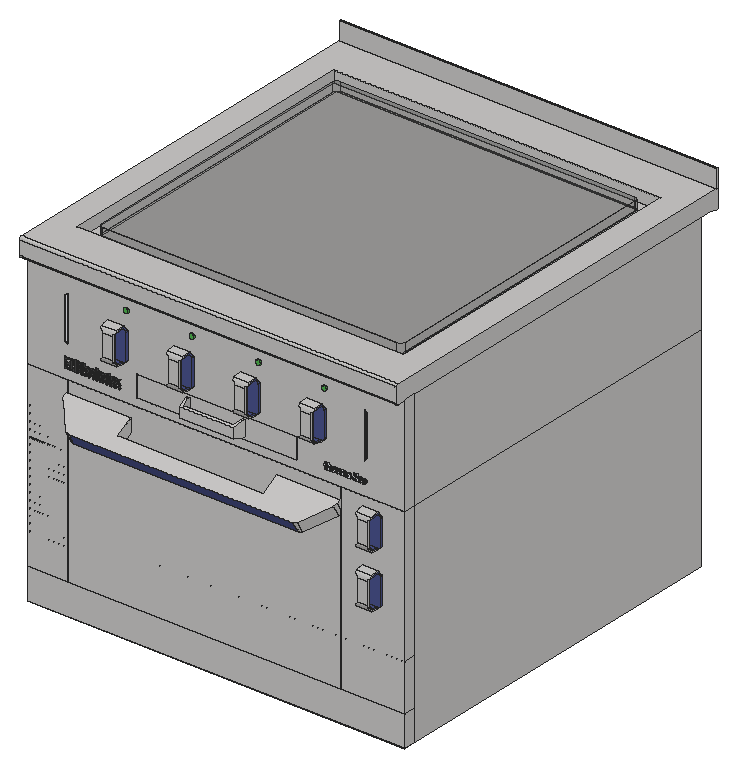
Revit family "QF_ELECTROLUXPROFESSIONAL_588695_MBLMGBH8AO", category Specialty Equipment, Revit 2023
Family settings
  Round Connector Dimension = Use Diameter
  Part Type = Normal
  Work Plane-Based = No
  Enable Cutting in Views = No
  Always vertical = Yes
  Cut with Voids When Loaded = No
  Maintain Annotation Orientation = No
  Shared = No
  Room Calculation Point = No
Parameters (values of type "Standard")
  Weight = 223.00 kg
  Watts = 0 W
  Volts = 400 V
  URL Manufacturer = "http://www.electroluxprofessional.com"
  URL = "http://www.electroluxprofessional.com"
  Steam Supply Size = 0"
  Steam Supply Minimum Pressure = 0.00 psi
  Steam Supply Maximum Pressure = 0.00 psi
  Steam Consumption per Hour = 0
  Refrigeration Suction Line Size = 0 mm
  Refrigeration Liquid Line Size = 0 mm
  Refrigerant Compressor Remote = yes
  Default Elevation = 0 mm
  Phase = 3
  Model = "MBLMGBH8AO"
  Manufacturer = "Electrolux Professional"
  Length Actual = 800 mm
  Item Number = "588695"
  Hot Water Size = 0"
  Height Actual = 700 mm
  HP = "23.2 HP"
  Gas Size = 0"
  Gas KW = 0
  Gas Input Pressure = 0.0 Btu/h
  Direct Waste Size = 0"
  Description = "EL.SOLID T,ECO,ST.OV,1S,BS,800X850X700H"
  Depth Actual = 850 mm
  Cycle = 50 Hz
  Condensate Return Size = 0"
  Compressed Air Volume = 0 GPM
  Compressed Air Size = 0"
  Compressed Air Pressure = 0.00 psi
  Cold Water Size = 0"
  Accessory = no
Reference planes
  plane 1 "BACK": y = 50
  plane 2: z = 0
  plane 3 "LEFT": x = 0
  plane 4 "RIGHT": x = 800
  plane 5 "FRONT": y = -800
  plane 6 "TOP": z = 900
  plane 7 "Center (Left/Right)": x = 400
  plane 8: y = -375
  plane 9: z = 200
  plane 10: y = -150
  plane 11 "Panel": y = -755
  plane 12: z = 798
  plane 13: z = 1327
  plane 14: x = 78
  plane 15: x = 722
  plane 16: y = -100
  plane 17: y = -600
  plane 18 "EIx": x = 755
  plane 19 "EIy": y = -585
Forms (mm)
  Extrusion 1, solid, material "QF_Finishes_Stainless Steel"
    sketch origin (-178.969, -4572, 200) x (-1, 0, 0) y (0, -1, 0)
      loop
        line (-178.969, -4577) -> (-178.969, -3817) -> (-978.969, -3817) -> (-978.969, -4577) -> (-178.969, -4577)
    from 450 to 662.969
  Extrusion 2, solid, material "QF_Finishes_Stainless Steel"
    sketch origin (0, 0, 0) x (0, 1, 0) y (0, 0, 1)
      loop
        line (-755, 200) -> (-755, 365) -> (-780, 365) -> (-780, 200) -> (-755, 200)
    from 0 to 800
  Extrusion 3, solid, material "QF_Finishes_Stainless Steel"
    sketch origin (-588.969, -4562, 200) x (-1, 0, 0) y (0, -1, 0)
      loop
        circle (-1343.969, -3977) r 6.35
    from 0 to -11.851
  Extrusion 4, solid, material "QF_Finishes_Stainless Steel"
    sketch origin (400, 296.4, 1219.2) x (0, 1, 0) y (0, 0, 1)
      loop
        line (-246.4, -319.2) -> (-1091.4, -319.2)
        arc (-1091.4, -319.2) -> (-1094.935, -320.664) -> (-1096.4, -324.2) r 5
        line (-1096.4, -324.2) -> (-1096.4, -355.2)
        arc (-1096.4, -355.2) -> (-1094.971, -358.264) -> (-1091.705, -359.139) r 4
        line (-1091.705, -359.139) -> (-1076.4, -356.231) -> (-266.4, -356.231) -> (-251.094, -359.139)
        arc (-251.094, -359.139) -> (-247.829, -358.264) -> (-246.4, -355.2) r 4
        line (-246.4, -355.2) -> (-246.4, -319.2)
    from -400 to 400
  Extrusion 5, solid, material "QF_Finishes_Electrolux_Black Smoke Iluminated"
    sketch origin (0, 0, 900) x (-1, 0, 0) y (0, -1, 0)
      loop
        arc (-88, 59) -> (-80.929, 61.929) -> (-78, 69) r 10
        line (-78, 69) -> (-78, 680)
        arc (-78, 680) -> (-80.929, 687.071) -> (-88, 690) r 10
        line (-88, 690) -> (-712, 690)
        arc (-712, 690) -> (-719.071, 687.071) -> (-722, 680) r 10
        line (-722, 680) -> (-722, 69)
        arc (-722, 69) -> (-719.071, 61.929) -> (-712, 59) r 10
        line (-712, 59) -> (-88, 59)
    from 0 to -20
  Extrusion 6, solid, material "QF_Finishes_Stainless Steel"
    sketch origin (-178.969, -4572, 200) x (-1, 0, 0) y (0, -1, 0)
      loop
        line (-178.969, -4577) -> (-178.969, -3817) -> (-978.969, -3817) -> (-978.969, -4577) -> (-178.969, -4577)
    from 450 to 0
  Extrusion 7, void
    sketch origin (0, 0, 900) x (-1, 0, 0) y (0, -1, 0)
      loop
        line (-53, 715) -> (-747, 715) -> (-747, 34) -> (-53, 34) -> (-53, 715)
    from 0 to -25
  Extrusion 8, solid, material "QF_Finishes_Stainless Steel"
    sketch origin (0, 0, 900) x (-1, 0, 0) y (0, -1, 0)
      loop
        line (-82, 63) -> (-82, 686) -> (-718, 686) -> (-718, 63) -> (-82, 63)
    from -20 to -25
  Extrusion 9, solid, material "QF_Finishes_Stainless Steel"
    sketch origin (400, 296.4, 1219.2) x (0, 1, 0) y (0, 0, 1)
      loop
        line (-249.4, -319.2) -> (-246.4, -319.2) -> (-246.4, -281.2) -> (-249.4, -281.2) -> (-249.4, -319.2)
    from -400 to 400
  Extrusion 10, solid, material "QF_Finishes_Stainless Steel"
    sketch origin (0, 0, 150) x (0, 1, 0) y (0, 0, 1)
      loop
        line (-755, 50) -> (-755, 115) -> (-780, 115) -> (-780, 50) -> (-755, 50)
    from 0 to 800
Cuts and joins
  Extrusion 7 cuts Extrusion 4
Lines and regions (mm)
  symbolic lines
    curve 1: line (0, 50, 200) -> (800, 50, 200)
    curve 2: line (0, -800, 200) -> (0, 50, 200)
    curve 3: line (800, -800, 200) -> (0, -800, 200)
    curve 4: line (800, 50, 200) -> (800, -800, 200)
    curve 5: line (712, -59, 200) -> (88, -59, 200)
    curve 6: line (78, -69, 200) -> (78, -680, 200)
    curve 7: line (88, -690, 200) -> (712, -690, 200)
    curve 8: line (722, -680, 200) -> (722, -69, 200)
    curve 9: arc (88, -59, 200) -> (80.929, -61.929, 200) -> (78, -69, 200) r 10
    curve 10: arc (722, -69, 200) -> (719.071, -61.929, 200) -> (712, -59, 200) r 10
    curve 11: arc (712, -690, 200) -> (719.071, -687.071, 200) -> (722, -680, 200) r 10
    curve 12: arc (78, -680, 200) -> (80.929, -687.071, 200) -> (88, -690, 200) r 10
    curve 13: line (747, -34, 900) -> (53, -34, 900)
    curve 14: line (53, -34, 900) -> (53, -715, 900)
    curve 15: line (747, -715, 900) -> (747, -34, 900)
    curve 16: line (53, -715, 900) -> (747, -715, 900)
    curve 33: line (0, 47, 0) -> (800, 47, 0)
  model lines, style "SpecialityEquipment"
    curve 17: arc (584, -161, 900) -> (530.967, -289.033, 900) -> (659, -236, 900) r 75
    curve 18: line (639, -236, 900) -> (679, -236, 900)
    curve 19: line (679, -236, 900) -> (659, -216, 900)
    curve 20: line (639, -236, 900) -> (659, -216, 900)
    curve 21: arc (216, -161, 900) -> (162.967, -289.033, 900) -> (291, -236, 900) r 75
    curve 22: line (271, -236, 900) -> (311, -236, 900)
    curve 23: line (311, -236, 900) -> (291, -216, 900)
    curve 24: line (271, -236, 900) -> (291, -216, 900)
    curve 25: arc (584, -489, 900) -> (530.967, -617.033, 900) -> (659, -564, 900) r 75
    curve 26: line (639, -564, 900) -> (679, -564, 900)
    curve 27: line (679, -564, 900) -> (659, -544, 900)
    curve 28: line (639, -564, 900) -> (659, -544, 900)
    curve 29: arc (216, -489, 900) -> (162.967, -617.033, 900) -> (291, -564, 900) r 75
    curve 30: line (271, -564, 900) -> (311, -564, 900)
    curve 31: line (311, -564, 900) -> (291, -544, 900)
    curve 32: line (271, -564, 900) -> (291, -544, 900)
Dimensions and locks
  plane 3 "LEFT" to plane 4 "RIGHT" = 800 mm
  plane 5 "FRONT" to plane 1 "BACK" = 850 mm
  equal spacing: plane 3 "LEFT", plane 7 "Center (Left/Right)", plane 4 "RIGHT"
  equal spacing: plane 5 "FRONT", plane 8, plane 1 "BACK"
  plane 6 "TOP" to level = 900 mm  (x2)
  plane 9 to level = 200 mm
  plane 1 "BACK" to plane 10 to plane 11 "Panel" = 200 mm, 605 mm  (x2)
  plane 6 "TOP" to plane 9 to level = 700 mm, 200 mm
  plane 1 "BACK" to plane 5 "FRONT" = 850 mm
  plane 1 "BACK" to Extrusion 3 = 635 mm
  plane 12 to plane 9 = 598 mm
  plane 13 to plane 6 "TOP" = 427 mm
  plane 6 "TOP" to plane 12 = 102 mm
  plane 14 to plane 3 "LEFT" = 78 mm
  plane 15 to plane 4 "RIGHT" = 78 mm
  locked: plane 1 "BACK" to plane 16 at 150
  locked: plane 16 to plane 17 at 500
  plane 11 "Panel" to plane 5 "FRONT" = 45 mm
  plane 18 "EIx" to plane 4 "RIGHT" = 45 mm
  plane 19 "EIy" to plane 1 "BACK" = 635 mm
  aligned and locked: level to plane 2
  aligned and locked: Extrusion 2 to plane 4 "RIGHT"
  aligned and locked: plane 3 "LEFT" to nested 1
  aligned and locked: nested 1 to nested 4
Automatic sketch dimensions
  Extrusion 3 sketch curve to plane 18 "EIx" = 0 mm
  Extrusion 3 sketch curve to plane 19 "EIy" = 0 mm
  Extrusion 4 sketch curve to plane 5 "FRONT" = 0 mm
  Extrusion 4 sketch curve to plane 6 "TOP" = 0 mm
  Extrusion 4 sketch curve to plane 1 "BACK" = 0 mm
  Extrusion 4 sketch curve to plane 5 "FRONT" = 4 mm
  Extrusion 4 sketch curve to Extrusion 4 sketch curve = 0.695 mm
  Extrusion 4 sketch curve to plane 5 "FRONT" = 5 mm
  Extrusion 4 sketch curve to Extrusion 4 sketch curve = 15.305 mm
  plane 1 "BACK" to Extrusion 4 sketch curve = 20 mm
  plane 1 "BACK" to Extrusion 4 sketch curve = 4.695 mm
  Extrusion 4 sketch curve to Extrusion 4 sketch curve = 4 mm
  Extrusion 4 sketch curve to Extrusion 4 sketch curve = 31 mm
  Extrusion 4 sketch curve to plane 6 "TOP" = 36 mm
  Extrusion 4 sketch curve to Extrusion 4 sketch curve = 2.909 mm
  Extrusion 5 sketch curve to plane 15 = 0 mm
  Extrusion 5 sketch curve to plane 14 = 0 mm
  plane 15 to Extrusion 5 sketch curve = 10 mm  (x2)
  Extrusion 5 sketch curve to Extrusion 5 sketch curve = 10 mm  (x2)
  plane 10 to Extrusion 5 sketch curve = 91 mm
  plane 17 to Extrusion 5 sketch curve = 80 mm
  plane 18 "EIx" to Extrusion 7 sketch curve = 8 mm
  plane 14 to Extrusion 7 sketch curve = 25 mm
  plane 10 to Extrusion 7 sketch curve = 116 mm
  plane 11 "Panel" to Extrusion 7 sketch curve = 40 mm
  Extrusion 8 sketch curve to plane 14 = 4 mm
  plane 15 to Extrusion 8 sketch curve = 4 mm
  plane 17 to Extrusion 8 sketch curve = 86 mm
  plane 10 to Extrusion 8 sketch curve = 87 mm
  curve 20 to curve 17 = 55 mm
  curve 26 to curve 25 = 55 mm
  curve 19 to curve 18 = 20 mm
  curve 26 to curve 27 = 20 mm
  curve 18 to curve 19 = 20 mm
  plane 18 "EIx" to curve 13 = 8 mm
  curve 31 to plane 7 "Center (Left/Right)" = 89 mm
  curve 23 to plane 7 "Center (Left/Right)" = 89 mm
  curve 22 to curve 24 = 20 mm
  curve 30 to curve 31 = 20 mm
  curve 23 to curve 22 = 20 mm
  curve 31 to curve 30 = 20 mm
  curve 22 to curve 21 = 55 mm
  curve 30 to curve 29 = 55 mm
  plane 14 to curve 14 = 25 mm
  plane 10 to curve 13 = 116 mm
  plane 11 "Panel" to curve 16 = 40 mm
  curve 29 to curve 30 = 20 mm
  curve 27 to curve 26 = 40 mm
  curve 25 to curve 26 = 20 mm
  plane 15 to curve 19 = 43 mm
  curve 17 to curve 18 = 20 mm
  curve 21 to curve 22 = 20 mm
  Extrusion 9 sketch curve to plane 6 "TOP" = 0 mm
  Extrusion 9 sketch curve to plane 1 "BACK" = 0 mm
  Extrusion 9 sketch curve to Extrusion 9 sketch curve = 3 mm
  Extrusion 9 sketch curve to Extrusion 9 sketch curve = 38 mm
  plane 19 "EIy" to curve 27 = 21 mm
  plane 15 to curve 27 = 43 mm
  curve 23 to plane 10 = 66 mm
  curve 19 to plane 10 = 66 mm
  plane 19 "EIy" to curve 32 = 41 mm
  Extrusion 1 sketch curve to plane 4 "RIGHT" = 0 mm
  Extrusion 1 sketch curve to plane 3 "LEFT" = 0 mm
  Extrusion 1 sketch curve to plane 11 "Panel" = 0 mm
  plane 1 "BACK" to Extrusion 1 sketch curve = 45 mm
  Extrusion 2 sketch curve to plane 9 = 0 mm
  Extrusion 2 sketch curve to plane 11 "Panel" = 0 mm
  Extrusion 2 sketch curve to plane 5 "FRONT" = 20 mm
  plane 9 to Extrusion 2 sketch curve = 165 mm
  plane 1 "BACK" to curve 1 = 0 mm
  curve 1 to plane 4 "RIGHT" = 0 mm
  curve 8 to plane 15 = 0 mm
  curve 6 to plane 14 = 0 mm
  curve 2 to plane 3 "LEFT" = 0 mm
  plane 5 "FRONT" to curve 3 = 0 mm
  plane 15 to curve 5 = 10 mm
  curve 11 to curve 11 = 10 mm
  curve 5 to plane 14 = 10 mm
  curve 12 to curve 6 = 10 mm
  plane 10 to curve 5 = 91 mm
  plane 17 to curve 11 = 80 mm
  Extrusion 6 sketch curve to plane 4 "RIGHT" = 0 mm
  Extrusion 6 sketch curve to plane 3 "LEFT" = 0 mm
  Extrusion 6 sketch curve to plane 11 "Panel" = 0 mm
  plane 1 "BACK" to Extrusion 6 sketch curve = 45 mm
  Extrusion 10 sketch curve to plane 11 "Panel" = 0 mm
  Extrusion 10 sketch curve to plane 5 "FRONT" = 20 mm
  plane 9 to Extrusion 10 sketch curve = 0 mm
  Extrusion 10 sketch curve to Extrusion 10 sketch curve = 65 mm
  radius of Extrusion 3 sketch curve = 6.35 mm
Nested families
  nested 1: "Door_Panel_W800_Fori" at (300, -755, 0), type "Door_Panel_W800_Fori"
  nested 2: "FIT Range Control Handle" at (730, -783.167, -372.751), type "FIT Range Control Handle"
  nested 3: "FIT Range Control Handle" at (730, -783.167, -484.751), type "FIT Range Control Handle"
  nested 4: "Front_Panel_W800_Four Knobs_Spie" at (202.376, -755, 0), type "Front_Panel_W800_Four Knobs_Spie"
Connectors
  electrical at (755, -585, 188.149)
    settings: on Extrusion 3, index 1, voltage 400 V, apparent load 33000 VA, apparent load phase1 0 VA, apparent load phase2 0 VA, apparent load phase3 0 VA, power factor 1, load classification "Other", number of poles 1, system type 30, power factor state 1, is connector primary yes, connector utility no, sub classification motor no, connector description "ELECTRICAL CONNECTION"
Definition of nested family "Door_Panel_W800_Fori"
  Parameters
    Default Elevation = 0 mm
  Reference planes
    plane 1 "Center (Front/Back)": y = 0
    plane 2 "Ref. Level": z = 0
    plane 3: x = 500
    plane 4: x = -300
    plane 5 "Center (Left/Right)": x = 100
    plane 6: x = -215
    plane 7: x = 365
    plane 8 "Manopola": through (-6096, -50.059, 612.389) normal (0, -0.515, 0.8572)
    plane 9 "Top": z = 650
    plane 10: z = 265
    plane 11: z = 200
  Forms (mm)
    Extrusion 1, solid
      sketch origin (100, 0, 0) x (0, 1, 0) y (0, 0, 1)
        loop
          line (-25.03, 650) -> (-25.03, 265) -> (0, 265) -> (0, 650) -> (-25.03, 650)
      from 265 to 400
    Extrusion 2, solid
      sketch origin (100, 0, 0) x (0, 1, 0) y (0, 0, 1)
        loop
          line (-25.03, 650) -> (-25.03, 265) -> (0, 265) -> (0, 650) -> (-25.03, 650)
      from -400 to -315
    Extrusion 3, solid
      sketch origin (100, 0, 0) x (0, 1, 0) y (0, 0, 1)
        loop
          line (-25.03, 650) -> (-25.03, 265) -> (0, 265) -> (0, 650) -> (-25.03, 650)
      from -315 to 265
    Extrusion 4, solid
      sketch origin (0, -283.633, 472.044) x (0, 0.857167, 0.515038) y (-1, 0, 0)
        loop
          line (299.12, -365) -> (299.12, 215) -> (290.982, 215)
          arc (290.982, 215) -> (286.677, 214.026) -> (283.211, 211.293) r 10
          line (283.211, 211.293) -> (233.28, 170.86)
          arc (233.28, 170.86) -> (230.548, 167.394) -> (229.574, 163.089) r 10
          line (229.574, 163.089) -> (229.574, -313.089)
          arc (229.574, -313.089) -> (230.548, -317.394) -> (233.28, -320.86) r 10
          line (233.28, -320.86) -> (283.211, -361.293)
          arc (283.211, -361.293) -> (286.677, -364.026) -> (290.982, -365) r 10
          line (290.982, -365) -> (299.12, -365)
      from -27 to 0
    Extrusion 5, void
      sketch origin (100, 0, 0) x (0, 1, 0) y (0, 0, 1)
        loop
          line (-61.514, 605.507) -> (-47.608, 582.363) -> (-25.03, 595.93) -> (-25.03, 627.429) -> (-61.514, 605.507)
      from -180 to 130
    Extrusion 6, solid, detail levels coarse
      sketch origin (100, 0, 0) x (0, 1, 0) y (0, 0, 1)
        loop
          line (-25.03, 265) -> (-25.03, 650)
          arc (-25.03, 650) -> (-297.266, 537.236) -> (-410.03, 265) r 385
          line (-410.03, 265) -> (-25.03, 265)
      from -315 to 265
    Extrusion 7, void
      sketch origin (0, 0, 0) x (1, 0, 0) y (0, 0, 1)
        loop
          line (-295, 573.713) -> (-295, 571.713) -> (-222, 571.713) -> (-222, 573.713) -> (-295, 573.713)
        loop
          line (-295, 558.713) -> (-295, 556.713) -> (-222, 556.713) -> (-222, 558.713) -> (-295, 558.713)
        loop
          line (-295, 543.713) -> (-295, 541.713) -> (-222, 541.713) -> (-222, 543.713) -> (-295, 543.713)
        loop
          line (-295, 528.713) -> (-295, 526.713) -> (-222, 526.713) -> (-222, 528.713) -> (-295, 528.713)
        loop
          line (-295, 513.713) -> (-295, 511.713) -> (-222, 511.713) -> (-222, 513.713) -> (-295, 513.713)
        loop
          line (-295, 498.713) -> (-295, 496.713) -> (-222, 496.713) -> (-222, 498.713) -> (-295, 498.713)
        loop
          line (-295, 483.713) -> (-295, 481.713) -> (-222, 481.713) -> (-222, 483.713) -> (-295, 483.713)
        loop
          line (-295, 468.713) -> (-295, 466.713) -> (-222, 466.713) -> (-222, 468.713) -> (-295, 468.713)
        loop
          line (-295, 453.713) -> (-295, 451.713) -> (-222, 451.713) -> (-222, 453.713) -> (-295, 453.713)
        loop
          line (-295, 438.713) -> (-295, 436.713) -> (-222, 436.713) -> (-222, 438.713) -> (-295, 438.713)
        loop
          line (-295, 423.713) -> (-295, 421.713) -> (-222, 421.713) -> (-222, 423.713) -> (-295, 423.713)
        loop
          line (-295, 408.713) -> (-295, 406.713) -> (-222, 406.713) -> (-222, 408.713) -> (-295, 408.713)
        loop
          line (-295, 393.713) -> (-295, 391.713) -> (-222, 391.713) -> (-222, 393.713) -> (-295, 393.713)
        loop
          line (-295, 378.713) -> (-295, 376.713) -> (-222, 376.713) -> (-222, 378.713) -> (-295, 378.713)
        loop
          line (-295, 363.713) -> (-295, 361.713) -> (-222, 361.713) -> (-222, 363.713) -> (-295, 363.713)
        loop
          line (-295, 348.713) -> (-295, 346.713) -> (-222, 346.713) -> (-222, 348.713) -> (-295, 348.713)
        loop
          line (-295, 333.713) -> (-295, 331.713) -> (-222, 331.713) -> (-222, 333.713) -> (-295, 333.713)
      from 25.03 to 20
  Cuts and joins
    Extrusion 5 cuts Extrusion 4
    joined: Extrusion 3, Extrusion 4
    Extrusion 7 cuts Extrusion 2
  Lines and regions (mm)
    symbolic lines
      curve 1: line (-207.355, -45.043, 0) -> (-170.86, -83.673, 0)
      curve 2: line (-163.089, -86.85, 0) -> (313.089, -86.85, 0)
      curve 3: line (320.86, -83.673, 0) -> (357.355, -45.043, 0)
      curve 4: arc (-163.089, -86.85, 0) -> (-167.318, -86.101, 0) -> (-170.86, -83.673, 0) r 10.165
      curve 5: arc (313.089, -86.85, 0) -> (317.318, -86.101, 0) -> (320.86, -83.673, 0) r 10.165
      curve 6: line (-215, -45.043, 0) -> (-215, -410.03, 0)
      curve 7: line (-215, -410.03, 0) -> (365, -410.03, 0)
      curve 8: line (365, -410.03, 0) -> (365, -45.03, 0)
  Dimensions and locks
    plane 3 to plane 4 = 800 mm
    plane 4 to plane 3 = 800 mm
    equal spacing: plane 3, plane 5 "Center (Left/Right)", plane 4
    plane 6 to plane 4 = 85 mm
    plane 3 to plane 7 = 135 mm
    plane 11 to level = 200 mm
    plane 10 to plane 11 = 65 mm
    plane 10 to plane 9 "Top" = 385 mm
    plane 9 "Top" to plane 11 = 450 mm
    aligned and locked: plane 3 to Extrusion 1
    aligned and locked: cut or joined group of Extrusion 3, Extrusion 4, Extrusion 5 to plane 6
    aligned and locked: cut or joined group of Extrusion 3, Extrusion 4, Extrusion 5 to plane 7
    aligned and locked: plane 7 to Extrusion 1
    aligned and locked: plane 6 to Extrusion 2
    aligned and locked: Extrusion 2 to plane 4
    aligned and locked: plane 10 to Extrusion 2
    aligned and locked: plane 10 to cut or joined group of Extrusion 3, Extrusion 4, Extrusion 5
    aligned and locked: plane 10 to Extrusion 1
    aligned and locked: Extrusion 6 to plane 6
    aligned and locked: Extrusion 6 to plane 7
  Automatic sketch dimensions
    Extrusion 5 sketch curve to plane 8 "Manopola" = 0 mm  (x2)
    plane 1 "Center (Front/Back)" to Extrusion 5 sketch curve = 61.514 mm
    Extrusion 5 sketch curve to Extrusion 5 sketch curve = 13.906 mm
    plane 1 "Center (Front/Back)" to Extrusion 5 sketch curve = 25.03 mm
    Extrusion 4 sketch curve to plane 7 = 0 mm
    Extrusion 4 sketch curve to plane 6 = 0 mm
    plane 6 to Extrusion 4 sketch curve = 51.911 mm
    plane 7 to Extrusion 4 sketch curve = 44.14 mm
    Extrusion 4 sketch curve to Extrusion 4 sketch curve = 3.707 mm  (x2)
    plane 6 to Extrusion 4 sketch curve = 44.14 mm
    plane 7 to Extrusion 4 sketch curve = 3.707 mm
    Extrusion 4 sketch curve to Extrusion 4 sketch curve = 49.93 mm  (x2)
    plane 6 to Extrusion 4 sketch curve = 3.707 mm
    Extrusion 4 sketch curve to Extrusion 4 sketch curve = 7.771 mm  (x3)
    Extrusion 4 sketch curve to Extrusion 4 sketch curve = 8.138 mm
    Extrusion 2 sketch curve to plane 1 "Center (Front/Back)" = 0 mm
    Extrusion 3 sketch curve to plane 1 "Center (Front/Back)" = 0 mm
    Extrusion 1 sketch curve to plane 1 "Center (Front/Back)" = 0 mm
    Extrusion 2 sketch curve to plane 9 "Top" = 0 mm
    Extrusion 2 sketch curve to Extrusion 2 sketch curve = 25.03 mm
    Extrusion 3 sketch curve to plane 9 "Top" = 0 mm
    Extrusion 3 sketch curve to Extrusion 3 sketch curve = 25.03 mm
    Extrusion 1 sketch curve to plane 9 "Top" = 0 mm
    plane 1 "Center (Front/Back)" to Extrusion 1 sketch curve = 25.03 mm
    level to Extrusion 1 sketch curve = 265 mm
    level to Extrusion 2 sketch curve = 265 mm
    level to Extrusion 3 sketch curve = 265 mm
    plane 10 to Extrusion 6 sketch curve = 0 mm
    Extrusion 6 sketch curve to plane 9 "Top" = 0 mm
    plane 1 "Center (Front/Back)" to Extrusion 6 sketch curve = 25.03 mm
    curve 7 to plane 7 = 0 mm
    plane 6 to curve 1 = 44.14 mm
    curve 4 to curve 4 = 7.389 mm
    curve 4 to curve 2 = 7.771 mm
    plane 7 to curve 2 = 51.911 mm
    curve 2 to curve 5 = 0.382 mm
    curve 2 to curve 3 = 7.771 mm
    plane 1 "Center (Front/Back)" to curve 6 = 410.03 mm
    plane 1 "Center (Front/Back)" to curve 2 = 86.85 mm
    curve 2 to curve 3 = 3.177 mm
    curve 2 to curve 1 = 3.177 mm
    plane 7 to curve 3 = 7.645 mm
    plane 1 "Center (Front/Back)" to curve 3 = 45.043 mm
    curve 3 to curve 8 = 0.013 mm
    curve 7 to plane 6 = 0 mm
    curve 6 to curve 1 = 7.645 mm
    plane 1 "Center (Front/Back)" to curve 1 = 45.043 mm
    curve 6 to curve 1 = 0 mm
    plane 4 to Extrusion 7 sketch curve = 5 mm  (x17)
    Extrusion 7 sketch curve to plane 6 = 7 mm  (x17)
    Extrusion 7 sketch curve to plane 10 = 66.713 mm
    Extrusion 7 sketch curve to Extrusion 7 sketch curve = 2 mm  (x17)
    Extrusion 7 sketch curve to Extrusion 7 sketch curve = 13 mm  (x16)
Definition of nested family "FIT Range Control Handle"
  Parameters
    Default Elevation = 0 mm
  Reference planes
    plane 1 "Center (Front/Back)": y = 0
    plane 2: z = 0
    plane 3 "Center (Left/Right)": x = 0
    plane 4: z = 971.092
    plane 5: y = -16.8
  Forms (mm)
    Extrusion 1, solid
      sketch origin (-746.28, 380.497, 208.931) x (-1, 0, 0) y (0, 0, 1)
        loop
          line (-770.101, 786.798) -> (-770.101, 731.649)
          arc (-770.101, 731.649) -> (-769.759, 730.563) -> (-768.855, 729.87) r 1.893
          line (-768.855, 729.87) -> (-763.474, 727.911) -> (-729.81, 727.911) -> (-724.428, 729.87)
          arc (-724.428, 729.87) -> (-723.525, 730.563) -> (-723.183, 731.649) r 1.893
          line (-723.183, 731.649) -> (-723.183, 786.798)
          arc (-723.183, 786.798) -> (-723.529, 787.894) -> (-724.44, 788.593) r 1.91
          line (-724.44, 788.593) -> (-729.683, 790.819) -> (-763.601, 790.819) -> (-768.844, 788.593)
          arc (-768.844, 788.593) -> (-769.755, 787.894) -> (-770.101, 786.798) r 1.91
      from -382.35 to -378.852
    Sweep 2, solid
      path origin (-746.788, 380.496, 208.091) x (0, -1, 0) y (0, 0, 1)
        loop
          line (379.775, 793.281) -> (395.661, 791.048)
          arc (395.661, 791.048) -> (397.781, 787.377) -> (398.517, 783.202) r 12.207
          line (398.517, 783.202) -> (398.517, 737.368)
          arc (398.517, 737.368) -> (397.781, 733.193) -> (395.661, 729.522) r 12.207
          line (395.661, 729.522) -> (379.775, 727.289)
      profile origin (-746.788, -7.222, 1000.256) x (0, -0.139173, 0.990268) y (-1, 0, 0)
        loop
          line (0.782, -763.123) -> (0.782, -730.907) -> (-1.322, -730.907) -> (-1.322, -763.123) -> (0.782, -763.123)
    Sweep 3, solid
      path origin (-746.788, 380.715, 207.832) x (0, -1, 0) y (0, 0, 1)
        loop
          line (380.478, 795.442) -> (397.218, 793.09)
          arc (397.218, 793.09) -> (399.929, 788.473) -> (400.871, 783.202) r 15.207
          line (400.871, 783.202) -> (400.871, 737.584)
          arc (400.871, 737.584) -> (399.914, 732.274) -> (397.164, 727.633) r 15.207
          line (397.164, 727.633) -> (380.601, 725.305)
      profile origin (-746.788, -8.132, 1002.099) x (0, -0.139173, 0.990268) y (-1, 0, 0)
        loop
          line (0.782, -763.123) -> (0.782, -730.907) -> (-1.322, -730.907) -> (-1.322, -763.123) -> (0.782, -763.123)
    Extrusion 4, void
      sketch origin (889.253, 220.666, 207.993) x (1, 0, 0) y (0, 0, 1)
        loop
          line (-943.038, 816.854) -> (-943.038, 703.686) -> (-899.466, 734.196) -> (-899.466, 786.344) -> (-943.038, 816.854)
      from 230.636 to 242.25
    Extrusion 5, void
      sketch origin (-888.8, 220.666, 207.993) x (-1, 0, 0) y (0, 0, -1)
        loop
          line (-943.038, -816.854) -> (-899.466, -786.344) -> (-899.466, -734.196) -> (-943.038, -703.686) -> (-943.038, -816.854)
      from 230.636 to 242.25
    Extrusion 6, solid
      sketch origin (0, 0, 0) x (1, 0, 0) y (0, 0, 1)
        loop
          circle (0, 971.092) r 7.736
      from -3.137 to -1.645
  Cuts and joins
    Extrusion 4, Extrusion 5 cuts Sweep 3
    Extrusion 4, Extrusion 5 cuts Sweep 2
    joined: Extrusion 1, Extrusion 6
  Lines and regions (mm)
    symbolic lines
      curve 1: line (-15.881, -19.189, 0) -> (-15.881, -16.8, 0)
      curve 2: line (16.334, -19.189, 0) -> (16.334, -16.8, 0)
      curve 3: spline (-15.881, -19.189, 0) -> (-15.417, -19.349, 0) -> (-14.951, -19.501, 0) -> (-14.483, -19.646, 0) -> (-14.014, -19.783, 0) -> (-13.543, -19.912, 0) -> (-13.071, -20.033, 0) -> (-12.597, -20.146, 0) -> (-12.122, -20.251, 0) -> (-11.646, -20.349, 0) -> (-11.169, -20.438, 0) -> (-10.691, -20.52, 0) -> (-10.213, -20.593, 0)
      curve 4: spline (10.666, -20.593, 0) -> (11.144, -20.52, 0) -> (11.622, -20.438, 0) -> (12.099, -20.349, 0) -> (12.575, -20.251, 0) -> (13.05, -20.146, 0) -> (13.524, -20.033, 0) -> (13.996, -19.912, 0) -> (14.467, -19.783, 0) -> (14.936, -19.646, 0) -> (15.404, -19.501, 0) -> (15.87, -19.349, 0) -> (16.334, -19.189, 0)
      curve 5: line (-10.213, -20.938, 0) -> (10.716, -20.938, 0)
  Dimensions and locks
    cut or joined group of Sweep 3, Extrusion 4, Extrusion 5 to cut or joined group of Sweep 3, Extrusion 4, Extrusion 5 = 71.686 mm
Definition of nested family "Front_Panel_W800_Four Knobs_Spie"
  Parameters
    Default Elevation = 0 mm
  Reference planes
    plane 1 "Center (Front/Back)": y = 0
    plane 2: z = 0
    plane 3 "Center (Left/Right)": x = 197.624
    plane 4 "Left": x = -202.376
    plane 5 "Right": x = 597.624
    plane 6: y = -45
    plane 7: x = -12.376
    plane 8: x = 127.624
    plane 9: y = -310
    plane 10 "Panel": y = -25
    plane 11: x = 517.624
    plane 12: x = -122.376
  Forms (mm)
    Extrusion 1, solid
      sketch origin (833.217, 829.203, -1.25) x (0, 1, 0) y (0, 0, 1)
        loop
          line (-854.203, 651.25) -> (-829.203, 651.25) -> (-829.203, 864.25) -> (-854.203, 864.25) -> (-854.203, 651.25)
      from -1035.593 to -235.593
    Extrusion 2, void
      sketch origin (0, -25, -10) x (0, 0, 1) y (-1, 0, 0)
        loop
          line (731.866, 122.376) -> (726.866, 117.376) -> (823.866, 117.376) -> (818.866, 122.376) -> (731.866, 122.376)
        loop
          line (731.866, -517.624) -> (818.866, -517.624) -> (823.866, -512.624) -> (726.866, -512.624) -> (731.866, -517.624)
      from 0 to -2
    Extrusion 3, void
      sketch origin (0, 0, 0) x (1, 0, 0) y (0, 0, 1)
        loop
          line (30.124, 711.866) -> (30.124, 666.866) -> (370.124, 666.866) -> (370.124, 711.866) -> (30.124, 711.866)
      from 19.387 to 25
    Extrusion 4, solid
      sketch origin (0, 0, 0) x (1, 0, 0) y (0, 0, 1)
        loop
          line (31.124, 710.866) -> (31.124, 667.866) -> (369.124, 667.866) -> (369.124, 710.866) -> (31.124, 710.866)
      from 19.387 to 25
    Extrusion 5, solid
      sketch origin (0, 0, 0) x (1, 0, 0) y (0, 1, 0)
        loop
          line (141.059, -25) -> (135.966, -25) -> (140.646, -49.075) -> (254.603, -49.075) -> (259.283, -25) -> (254.189, -25) -> (250.481, -44.075) -> (144.767, -44.075) -> (141.059, -25)
      from 672.593 to 705.67
    Extrusion 6, void
      sketch origin (197.624, 0, 0) x (0, 1, 0) y (0, 0, 1)
        loop
          line (-30, 705.67) -> (-30, 710.67) -> (-56.744, 710.67) -> (-56.744, 667.593) -> (-30, 667.593) -> (-30, 672.593) -> (-53.776, 680.318) -> (-53.776, 697.945) -> (-30, 705.67)
      from -70 to 70
    Extrusion 7, solid, detail levels coarse
      sketch origin (0, -265, 0) x (1, 0, 0) y (0, 1, 0)
        loop
          line (140.646, -69.075) -> (254.603, -69.075) -> (259.283, -45) -> (364.124, -45) -> (364.124, 240) -> (31.124, 240) -> (31.124, -45) -> (135.966, -45) -> (140.646, -69.075)
      from 672.593 to 705.67
    Extrusion 8, void
      sketch origin (197.624, -280, 0) x (0, 1, 0) y (0, 0, 1)
        loop
          line (-30, 705.67) -> (-30, 710.67) -> (-56.744, 710.67) -> (-56.744, 667.593) -> (-30, 667.593) -> (-30, 672.593) -> (-53.776, 680.318) -> (-53.776, 697.945) -> (-30, 705.67)
      from -70 to 70
    Extrusion 9, solid
      sketch origin (20, -25, 1.163) x (0, 0, 1) y (-1, 0, 0)
        loop
          circle (824.337, 12.376) r 5
      from 0 to 1.7
    Extrusion 10, solid
      sketch origin (160, -25, 1.163) x (0, 0, 1) y (-1, 0, 0)
        loop
          circle (824.337, 12.376) r 5
      from 0 to 1.7
    Extrusion 11, solid
      sketch origin (300.724, -25, 1.163) x (0, 0, 1) y (-1, 0, 0)
        loop
          circle (824.337, 12.376) r 5
      from 0 to 1.7
    Extrusion 12, solid
      sketch origin (440.724, -25, 1.163) x (0, 0, 1) y (-1, 0, 0)
        loop
          circle (824.337, 12.376) r 5
      from 0 to 1.7
    Extrusion 13, solid
      sketch origin (0, -25, -10) x (0, 0, 1) y (-1, 0, 0)
        loop
          line (731.866, 122.376) -> (726.866, 117.376) -> (823.866, 117.376) -> (818.866, 122.376) -> (731.866, 122.376)
        loop
          line (726.866, -512.624) -> (731.866, -517.624) -> (818.866, -517.624) -> (823.866, -512.624) -> (726.866, -512.624)
      from 0 to -2
  Cuts and joins
    Extrusion 2, Extrusion 3 cuts Extrusion 1
    Extrusion 6, Extrusion 8 cuts Extrusion 5
    Extrusion 8 cuts Extrusion 7
  Lines and regions (mm)
    symbolic lines
      curve 1: line (31.124, -45, 0) -> (31.124, -310, 0)
      curve 2: line (31.124, -310, 0) -> (364.124, -310, 0)
      curve 3: line (135.966, -310, 0) -> (140.646, -334.075, 0)
      curve 4: line (140.646, -334.075, 0) -> (254.603, -334.075, 0)
      curve 5: line (254.603, -334.075, 0) -> (259.283, -310, 0)
      curve 6: line (364.124, -310, 0) -> (364.124, -45, 0)
      curve 7: line (31.124, -300, 0) -> (364.124, -300, 0)
      curve 8: line (140.874, -309.046, 0) -> (144.767, -329.075, 0)
      curve 9: line (144.767, -329.075, 0) -> (250.481, -329.075, 0)
      curve 10: line (250.481, -329.075, 0) -> (254.375, -309.046, 0)
  Dimensions and locks
    equal spacing: plane 5 "Right", plane 3 "Center (Left/Right)", plane 4 "Left"
    plane 5 "Right" to plane 4 "Left" = 800 mm
    plane 3 "Center (Left/Right)" to plane 7 = 210 mm
    plane 3 "Center (Left/Right)" to plane 8 = 70 mm
    plane 6 to plane 9 = 265 mm
    aligned and locked: cut or joined group of Extrusion 1, Extrusion 2, Extrusion 3 to plane 4 "Left"
    aligned and locked: plane 5 "Right" to cut or joined group of Extrusion 1, Extrusion 2, Extrusion 3
  Automatic sketch dimensions
    plane 6 to curve 1 = 0 mm
    curve 1 to plane 9 = 0 mm
    plane 6 to curve 6 = 0 mm
    plane 7 to curve 1 = 43.5 mm
    plane 8 to curve 3 = 13.021 mm
    curve 3 to curve 8 = 4.122 mm
    curve 10 to plane 9 = 19.075 mm
    plane 3 "Center (Left/Right)" to curve 10 = 52.857 mm
    curve 5 to plane 9 = 24.075 mm
    curve 9 to curve 5 = 4.122 mm
    curve 4 to curve 2 = 109.521 mm
    plane 8 to curve 3 = 8.342 mm
    plane 9 to curve 8 = 0.954 mm
    curve 3 to curve 8 = 4.908 mm
    plane 9 to curve 10 = 0.954 mm
    curve 9 to curve 10 = 3.893 mm
    curve 10 to curve 5 = 4.908 mm
    plane 9 to curve 7 = 10 mm
    Extrusion 1 sketch curve to plane 10 "Panel" = 0 mm
    Extrusion 1 sketch curve to plane 1 "Center (Front/Back)" = 0 mm
    Extrusion 2 sketch curve to plane 12 = 0 mm
    Extrusion 2 sketch curve to plane 11 = 0 mm
    Extrusion 2 sketch curve to plane 11 = 5 mm
    plane 12 to Extrusion 2 sketch curve = 5 mm
    Extrusion 2 sketch curve to Extrusion 2 sketch curve = 5 mm  (x4)
    plane 7 to Extrusion 3 sketch curve = 42.5 mm
    Extrusion 3 sketch curve to plane 11 = 147.5 mm
    Extrusion 3 sketch curve to Extrusion 3 sketch curve = 45 mm
    plane 7 to Extrusion 4 sketch curve = 43.5 mm
    Extrusion 4 sketch curve to plane 11 = 148.5 mm
    Extrusion 4 sketch curve to Extrusion 4 sketch curve = 43 mm
    plane 10 "Panel" to Extrusion 5 sketch curve = 0 mm  (x2)
    plane 8 to Extrusion 5 sketch curve = 8.342 mm
    plane 6 to Extrusion 5 sketch curve = 4.075 mm
    plane 8 to Extrusion 5 sketch curve = 13.021 mm
    Extrusion 5 sketch curve to Extrusion 5 sketch curve = 5.094 mm  (x2)
    Extrusion 5 sketch curve to plane 6 = 0.925 mm
    Extrusion 5 sketch curve to Extrusion 5 sketch curve = 4.122 mm  (x2)
    plane 3 "Center (Left/Right)" to Extrusion 5 sketch curve = 52.857 mm
    Extrusion 5 sketch curve to Extrusion 5 sketch curve = 3.708 mm
    plane 6 to Extrusion 6 sketch curve = 11.744 mm
    plane 6 to Extrusion 6 sketch curve = 8.776 mm
    plane 10 "Panel" to Extrusion 6 sketch curve = 5 mm  (x2)
    Extrusion 6 sketch curve to Extrusion 6 sketch curve = 5 mm
    Extrusion 6 sketch curve to Extrusion 6 sketch curve = 12.725 mm  (x2)
    Extrusion 6 sketch curve to Extrusion 6 sketch curve = 17.627 mm
    Extrusion 6 sketch curve to Extrusion 6 sketch curve = 7.725 mm
    plane 10 "Panel" to Extrusion 7 sketch curve = 0 mm
    Extrusion 7 sketch curve to plane 9 = 0 mm  (x2)
    plane 7 to Extrusion 7 sketch curve = 43.5 mm
    plane 8 to Extrusion 7 sketch curve = 8.342 mm
    plane 8 to Extrusion 7 sketch curve = 13.021 mm
    Extrusion 7 sketch curve to plane 9 = 24.075 mm
    plane 3 "Center (Left/Right)" to Extrusion 7 sketch curve = 56.979 mm
    Extrusion 7 sketch curve to Extrusion 7 sketch curve = 4.68 mm
    Extrusion 7 sketch curve to Extrusion 7 sketch curve = 104.842 mm
    Extrusion 8 sketch curve to plane 9 = 26.744 mm
    Extrusion 8 sketch curve to plane 9 = 23.776 mm
    plane 9 to Extrusion 8 sketch curve = 0 mm  (x2)
    Extrusion 8 sketch curve to Extrusion 8 sketch curve = 5 mm
    Extrusion 8 sketch curve to Extrusion 8 sketch curve = 12.725 mm  (x2)
    Extrusion 8 sketch curve to Extrusion 8 sketch curve = 17.627 mm
    Extrusion 8 sketch curve to Extrusion 8 sketch curve = 7.725 mm
    plane 7 to Extrusion 9 sketch curve = 20 mm
    plane 8 to Extrusion 10 sketch curve = 20 mm
    plane 3 "Center (Left/Right)" to Extrusion 11 sketch curve = 90.724 mm
    Extrusion 12 sketch curve to plane 11 = 89.276 mm
    Extrusion 13 sketch curve to plane 12 = 0 mm
    Extrusion 13 sketch curve to plane 11 = 0 mm
    plane 12 to Extrusion 13 sketch curve = 5 mm
    Extrusion 13 sketch curve to Extrusion 13 sketch curve = 5 mm  (x4)
    Extrusion 13 sketch curve to plane 11 = 5 mm
    level to Extrusion 1 sketch curve = 650 mm
    Extrusion 1 sketch curve to Extrusion 1 sketch curve = 213 mm
    level to Extrusion 2 sketch curve = 716.866 mm
    Extrusion 2 sketch curve to Extrusion 2 sketch curve = 0 mm
    Extrusion 2 sketch curve to Extrusion 2 sketch curve = 87 mm  (x2)
    level to Extrusion 3 sketch curve = 666.866 mm
    level to Extrusion 4 sketch curve = 667.866 mm
    level to Extrusion 6 sketch curve = 667.593 mm
    level to Extrusion 8 sketch curve = 667.593 mm
    level to Extrusion 9 sketch curve = 825.5 mm
    level to Extrusion 10 sketch curve = 825.5 mm
    level to Extrusion 11 sketch curve = 825.5 mm
    level to Extrusion 12 sketch curve = 825.5 mm
    level to Extrusion 13 sketch curve = 716.866 mm
    Extrusion 13 sketch curve to Extrusion 13 sketch curve = 0 mm
    Extrusion 13 sketch curve to Extrusion 13 sketch curve = 87 mm  (x2)
    radius of Extrusion 9 sketch curve = 5 mm
    radius of Extrusion 10 sketch curve = 5 mm
    radius of Extrusion 11 sketch curve = 5 mm
    radius of Extrusion 12 sketch curve = 5 mm
  Nested families
    nested 1: "Range Control Handle" at (-12.376, -28.137, -209.113) x (-1, 0, 0) z (0, 0, 1), type "Range Control Handle"
    nested 2: "Range Control Handle" at (127.624, -28.137, -209.113) x (-1, 0, 0) z (0, 0, 1), type "Range Control Handle"
    nested 3: "Range Control Handle" at (407.624, -28.137, -209.113), type "Range Control Handle"
    nested 4: "Range Control Handle" at (267.624, -28.137, -209.113), type "Range Control Handle"
    nested 5: "ELX_ThermaLine_Small" at (468.838, -25, 679.426) x (1, 0, 0) z (0, -1, 0), type "ELX_ThermaLine_Small"
      with Show Logo yes, Material_Logo none
    nested 6: "ELX_Professional_Logo_Small" at (-62.89, -25, 681.659) x (1, 0, 0) z (0, -1, 0), type "ELX_Professional_Logo_Small"
      with Show Logo yes, Material_Logo none
  Definition of nested family "Range Control Handle"
    Parameters
      Default Elevation = 0 mm
    Reference planes
      plane 1 "Center (Front/Back)": y = 0
      plane 2: z = 0
      plane 3 "Center (Left/Right)": x = 0
      plane 4: z = 971.092
      plane 5: y = -16.9
    Forms (mm)
      Extrusion 1, solid
        sketch origin (-746.28, 380.497, 208.931) x (-1, 0, 0) y (0, 0, 1)
          loop
            line (-770.101, 786.798) -> (-770.101, 731.649)
            arc (-770.101, 731.649) -> (-769.759, 730.563) -> (-768.855, 729.87) r 1.893
            line (-768.855, 729.87) -> (-763.474, 727.911) -> (-729.81, 727.911) -> (-724.428, 729.87)
            arc (-724.428, 729.87) -> (-723.525, 730.563) -> (-723.183, 731.649) r 1.893
            line (-723.183, 731.649) -> (-723.183, 786.798)
            arc (-723.183, 786.798) -> (-723.529, 787.894) -> (-724.44, 788.593) r 1.91
            line (-724.44, 788.593) -> (-729.683, 790.819) -> (-763.601, 790.819) -> (-768.844, 788.593)
            arc (-768.844, 788.593) -> (-769.755, 787.894) -> (-770.101, 786.798) r 1.91
        from -382.35 to -378.852
      Sweep 2, solid
        path origin (-746.788, 380.496, 208.091) x (0, -1, 0) y (0, 0, 1)
          loop
            line (379.775, 793.281) -> (395.661, 791.048)
            arc (395.661, 791.048) -> (397.781, 787.377) -> (398.517, 783.202) r 12.207
            line (398.517, 783.202) -> (398.517, 737.368)
            arc (398.517, 737.368) -> (397.781, 733.193) -> (395.661, 729.522) r 12.207
            line (395.661, 729.522) -> (379.775, 727.289)
        profile origin (-746.788, -7.222, 1000.256) x (0, -0.139173, 0.990268) y (-1, 0, 0)
          loop
            line (0.782, -763.123) -> (0.782, -730.907) -> (-1.322, -730.907) -> (-1.322, -763.123) -> (0.782, -763.123)
      Sweep 3, solid
        path origin (-746.788, 380.715, 207.832) x (0, -1, 0) y (0, 0, 1)
          loop
            line (380.478, 795.442) -> (397.218, 793.09)
            arc (397.218, 793.09) -> (399.929, 788.473) -> (400.871, 783.202) r 15.207
            line (400.871, 783.202) -> (400.871, 737.584)
            arc (400.871, 737.584) -> (399.914, 732.274) -> (397.164, 727.633) r 15.207
            line (397.164, 727.633) -> (380.601, 725.305)
        profile origin (-746.788, -8.132, 1002.099) x (0, -0.139173, 0.990268) y (-1, 0, 0)
          loop
            line (0.782, -763.123) -> (0.782, -730.907) -> (-1.322, -730.907) -> (-1.322, -763.123) -> (0.782, -763.123)
      Extrusion 4, void
        sketch origin (889.253, 220.666, 207.993) x (1, 0, 0) y (0, 0, 1)
          loop
            line (-943.038, 816.854) -> (-943.038, 703.686) -> (-899.466, 734.196) -> (-899.466, 786.344) -> (-943.038, 816.854)
        from 230.636 to 242.25
      Extrusion 5, void
        sketch origin (-888.8, 220.666, 207.993) x (-1, 0, 0) y (0, 0, -1)
          loop
            line (-943.038, -816.854) -> (-899.466, -786.344) -> (-899.466, -734.196) -> (-943.038, -703.686) -> (-943.038, -816.854)
        from 230.636 to 242.25
      Extrusion 6, solid
        sketch origin (0, 0, 0) x (1, 0, 0) y (0, 0, 1)
          loop
            circle (0, 971.092) r 7.736
        from -3.137 to -1.645
    Cuts and joins
      Extrusion 4, Extrusion 5 cuts Sweep 3
      Extrusion 4, Extrusion 5 cuts Sweep 2
      joined: Extrusion 1, Extrusion 6
    Lines and regions (mm)
      symbolic lines
        curve 1: line (16.334, -16.9, 0) -> (16.334, -19.227, 0)
        curve 2: spline (16.334, -19.227, 0) -> (15.87, -19.385, 0) -> (15.404, -19.536, 0) -> (14.936, -19.678, 0) -> (14.466, -19.813, 0) -> (13.995, -19.94, 0) -> (13.523, -20.059, 0) -> (13.049, -20.171, 0) -> (12.575, -20.274, 0) -> (12.099, -20.37, 0) -> (11.622, -20.458, 0) -> (11.144, -20.537, 0) -> (10.666, -20.609, 0)
        curve 3: line (10.666, -16.9, 0) -> (10.666, -20.938, 0)
        curve 4: line (-10.213, -20.938, 0) -> (10.666, -20.938, 0)
        curve 5: line (-10.213, -20.938, 0) -> (-10.213, -16.9, 0)
        curve 6: spline (-10.213, -20.609, 0) -> (-10.691, -20.537, 0) -> (-11.169, -20.458, 0) -> (-11.646, -20.37, 0) -> (-12.122, -20.274, 0) -> (-12.597, -20.171, 0) -> (-13.07, -20.059, 0) -> (-13.542, -19.94, 0) -> (-14.013, -19.813, 0) -> (-14.483, -19.678, 0) -> (-14.951, -19.536, 0) -> (-15.417, -19.385, 0) -> (-15.881, -19.227, 0)
        curve 7: line (-15.881, -19.227, 0) -> (-15.881, -16.9, 0)
  Definition of nested family "ELX_ThermaLine_Small"
    Parameters
      Show Logo [instance] = yes
      Material_Logo [instance] = none
      Default Elevation = 0 mm
    Reference planes
      plane 1 "Centro (Fronte/Retro)": y = 0
      plane 2: z = 0
      plane 3 "Centro (Sinistra/Destra)": x = 0
    Forms (mm)
      Extrusion 1, solid
        sketch origin (0, 0, 0) x (1, 0, 0) y (0, 1, 0)
          loop
            line (-1219.2, 1219.2) -> (-1219.2, -1219.2) -> (1219.2, -1219.2) -> (1219.2, 1219.2) -> (-1219.2, 1219.2)
        from 0 to -304.8
      Extrusion 2, solid
        sketch origin (0, 0, 0) x (1, 0, 0) y (0, 1, 0)
          loop
            line (-37.494, 1.229) -> (-35.908, 1.229) -> (-35.908, 3.066) -> (-37.494, 3.066) -> (-37.494, 6.221) -> (-39.867, 4.881) -> (-39.867, 3.066) -> (-40.969, 3.066) -> (-40.969, 1.229) -> (-39.867, 1.229) -> (-39.867, -3.407)
            arc (-39.867, -3.407) -> (-38.982, -5.513) -> (-36.751, -6.001) r 2.478
            line (-36.751, -6.001) -> (-35.638, -5.7) -> (-35.9, -3.835) -> (-36.661, -4.039)
            arc (-36.661, -4.039) -> (-37.236, -3.924) -> (-37.494, -3.399) r 0.662
            line (-37.494, -3.399) -> (-37.494, 1.229)
          loop
            line (-34.242, 6.539) -> (-34.242, -5.848) -> (-31.854, -5.848) -> (-31.854, -0.078)
            arc (-31.854, -0.078) -> (-30.939, 1.249) -> (-29.33, 1.367) r 1.866
            arc (-29.33, 1.367) -> (-28.695, 0.768) -> (-28.461, -0.073) r 1.627
            line (-28.461, -0.073) -> (-28.461, -5.848) -> (-26.086, -5.848) -> (-26.064, -0.46)
            arc (-26.064, -0.46) -> (-26.261, 0.932) -> (-26.786, 2.237) r 5.825
            arc (-26.786, 2.237) -> (-29.381, 3.264) -> (-31.854, 1.971) r 3.353
            line (-31.854, 1.971) -> (-31.854, 6.539) -> (-34.242, 6.539)
          loop
            arc (-18.398, -0.598) -> (-18.893, 0.879) -> (-20.326, 1.487) r 1.897
            arc (-20.326, 1.487) -> (-21.461, 0.708) -> (-21.897, -0.598) r 2.164
            line (-21.897, -0.598) -> (-18.398, -0.598)
          loop
            arc (-16.021, -2.044) -> (-16.754, 1.227) -> (-19.444, 3.226) r 4.814
            arc (-19.444, 3.226) -> (-22.137, 2.788) -> (-23.943, 0.743) r 4.054
            arc (-23.943, 0.743) -> (-24.382, -1.249) -> (-24.162, -3.276) r 6.289
            arc (-24.162, -3.276) -> (-23.302, -4.71) -> (-21.958, -5.705) r 4.28
            arc (-21.958, -5.705) -> (-18.558, -5.814) -> (-16.152, -3.409) r 4.28
            line (-16.152, -3.409) -> (-18.5, -2.995)
            arc (-18.5, -2.995) -> (-19.273, -3.994) -> (-20.533, -4.076) r 1.536
            arc (-20.533, -4.076) -> (-21.56, -3.281) -> (-21.958, -2.044) r 2.197
            line (-21.958, -2.044) -> (-16.021, -2.044)
          loop
            line (-14.165, -5.848) -> (-11.819, -5.848) -> (-11.819, -2.138)
            arc (-11.819, -2.138) -> (-11.787, -1.156) -> (-11.637, -0.185) r 8.18
            arc (-11.637, -0.185) -> (-10.644, 0.972) -> (-9.132, 0.776) r 1.603
            line (-9.132, 0.776) -> (-8.419, 2.846)
            arc (-8.419, 2.846) -> (-10.432, 3.118) -> (-11.994, 1.821) r 2.527
            line (-11.994, 1.821) -> (-11.994, 3.094) -> (-14.165, 3.094) -> (-14.165, -5.848)
          loop
            line (-7.579, 3.094) -> (-7.579, -5.848) -> (-5.178, -5.848) -> (-5.178, -0.756)
            arc (-5.178, -0.756) -> (-4.727, 0.679) -> (-3.417, 1.419) r 2.05
            arc (-3.417, 1.419) -> (-2.499, 0.908) -> (-2.155, -0.085) r 1.471
            line (-2.155, -0.085) -> (-2.155, -5.848) -> (0.23, -5.848) -> (0.23, -1.001)
            arc (0.23, -1.001) -> (0.47, 0.127) -> (1.148, 1.061) r 2.775
            arc (1.148, 1.061) -> (2.225, 1.329) -> (3.05, 0.587) r 1.182
            arc (3.05, 0.587) -> (3.199, -0.019) -> (3.214, -0.642) r 2.894
            line (3.214, -0.642) -> (3.214, -5.848) -> (5.601, -5.848) -> (5.601, 0.261)
            arc (5.601, 0.261) -> (4.87, 2.263) -> (2.976, 3.241) r 2.932
            arc (2.976, 3.241) -> (1.284, 2.973) -> (-0.047, 1.896) r 3.309
            arc (-0.047, 1.896) -> (-1.116, 2.865) -> (-2.506, 3.258) r 3.16
            arc (-2.506, 3.258) -> (-4.105, 2.942) -> (-5.376, 1.92) r 3.419
            line (-5.376, 1.92) -> (-5.376, 3.094) -> (-7.579, 3.094)
          loop
            line (7.583, 0.738) -> (9.702, 0.364)
            arc (9.702, 0.364) -> (11.441, 1.492) -> (12.855, -0.023) r 1.613
            line (12.855, -0.023) -> (9.782, -0.789)
            arc (9.782, -0.789) -> (8.559, -1.346) -> (7.617, -2.305) r 3.687
            arc (7.617, -2.305) -> (7.499, -3.681) -> (7.901, -5.003) r 3.651
            arc (7.901, -5.003) -> (9.107, -5.766) -> (10.515, -6.006) r 3.635
            arc (10.515, -6.006) -> (11.898, -5.697) -> (13.067, -4.895) r 3.734
            line (13.067, -4.895) -> (13.376, -5.848) -> (15.75, -5.848) -> (15.212, -4.193) -> (15.212, 0.38)
            arc (15.212, 0.38) -> (14.897, 1.849) -> (13.818, 2.895) r 2.585
            arc (13.818, 2.895) -> (11.792, 3.442) -> (9.719, 3.11) r 5.005
            arc (9.719, 3.11) -> (8.369, 2.178) -> (7.583, 0.738) r 3.54
          loop
            line (19.723, -5.848) -> (22.233, -5.848) -> (24.854, 6.484) -> (22.345, 6.484) -> (19.723, -5.848)
          loop
            line (24.583, -5.848) -> (26.953, -5.848) -> (28.848, 3.066) -> (26.478, 3.066) -> (24.583, -5.848)
          loop
            line (27.204, 6.484) -> (26.741, 4.305) -> (29.111, 4.305) -> (29.575, 6.484) -> (27.204, 6.484)
          loop
            line (29.355, -5.848) -> (31.849, -5.848) -> (33.098, 0.028)
            arc (33.098, 0.028) -> (34.169, 1.306) -> (35.832, 1.422) r 2.132
            arc (35.832, 1.422) -> (36.324, 0.752) -> (36.383, -0.078) r 1.5
            line (36.383, -0.078) -> (35.157, -5.848) -> (37.536, -5.848) -> (38.936, 0.738)
            arc (38.936, 0.738) -> (38.775, 2.091) -> (37.825, 3.066) r 2.118
            arc (37.825, 3.066) -> (35.392, 3.175) -> (33.295, 1.937) r 4.271
            line (33.295, 1.937) -> (33.535, 3.066) -> (31.25, 3.066) -> (29.355, -5.848)
          loop
            line (42.792, -0.64) -> (46.589, -0.64)
            arc (46.589, -0.64) -> (46.639, 0.124) -> (46.327, 0.823) r 1.589
            arc (46.327, 0.823) -> (45.117, 1.521) -> (43.762, 1.183) r 1.865
            arc (43.762, 1.183) -> (43.141, 0.344) -> (42.792, -0.64) r 3.538
          loop
            line (42.565, -2.138) -> (48.593, -2.138)
            arc (48.593, -2.138) -> (48.58, 0.597) -> (46.983, 2.818) r 4.494
            arc (46.983, 2.818) -> (44.191, 3.28) -> (41.725, 1.891) r 4.26
            arc (41.725, 1.891) -> (40.503, -0.3) -> (40.284, -2.799) r 6.003
            arc (40.284, -2.799) -> (40.959, -4.468) -> (42.377, -5.576) r 3.482
            arc (42.377, -5.576) -> (44.265, -5.961) -> (46.152, -5.576) r 4.823
            arc (46.152, -5.576) -> (47.432, -4.731) -> (48.328, -3.485) r 4.245
            line (48.328, -3.485) -> (46.168, -3.105)
            arc (46.168, -3.105) -> (45.214, -4.072) -> (43.859, -4.181) r 1.953
            arc (43.859, -4.181) -> (42.821, -3.408) -> (42.565, -2.138) r 1.81
          loop
            line (12.868, -1.553) -> (10.216, -2.214)
            arc (10.216, -2.214) -> (9.747, -3.136) -> (10.216, -4.058) r 1.14
            arc (10.216, -4.058) -> (11.537, -4.249) -> (12.614, -3.46) r 1.763
            arc (12.614, -3.46) -> (12.858, -2.522) -> (12.868, -1.553) r 3.97
        from 0 to 1.6
    Dimensions and locks
      aligned and locked: plane 2 to Extrusion 1
      aligned and locked: level to Extrusion 1
  Definition of nested family "ELX_Professional_Logo_Small"
    Parameters
      Show Logo [instance] = yes
      Material_Logo [instance] = none
      Default Elevation = 0 mm
    Reference planes
      plane 1 "Centro (Fronte/Retro)": y = 0
      plane 2: z = 0
      plane 3 "Centro (Sinistra/Destra)": x = 0
    Forms (mm)
      Extrusion 1, solid
        sketch origin (0, 0, 0) x (1, 0, 0) y (0, 1, 0)
          loop
            line (-1219.2, 1219.2) -> (-1219.2, -1219.2) -> (1219.2, -1219.2) -> (1219.2, 1219.2) -> (-1219.2, 1219.2)
        from 0 to -304.8
      Extrusion 2, solid, material <- "Material_Logo"
        sketch origin (15.5, 0, 0) x (1, 0, 0) y (0, 1, 0)
          loop
            spline (-42.99, -1.24) -> (-43.195, -1.231) -> (-43.415, -1.203) -> (-43.642, -1.152) -> (-43.87, -1.074) -> (-44.095, -0.966) -> (-44.309, -0.825) -> (-44.506, -0.647) -> (-44.681, -0.429) -> (-44.828, -0.167) -> (-44.94, 0.142) -> (-45.011, 0.501) -> (-45.037, 0.915)
            line (-45.037, 0.915) -> (-45.037, 2.748) -> (-38.984, 2.748) -> (-38.984, 5.086) -> (-45.038, 5.086) -> (-45.038, 8.489) -> (-38.599, 8.489) -> (-38.599, 10.82) -> (-47.515, 10.82) -> (-47.515, 1.021)
            spline (-47.515, 1.021) -> (-47.493, 0.418) -> (-47.425, -0.15) -> (-47.311, -0.682) -> (-47.15, -1.175) -> (-46.939, -1.628) -> (-46.678, -2.038) -> (-46.365, -2.404) -> (-46, -2.723) -> (-45.58, -2.995) -> (-45.105, -3.216) -> (-44.573, -3.385) -> (-43.983, -3.499)
            line (-43.983, -3.499) -> (-43.01, -3.569) -> (-38.426, -3.569) -> (-38.426, -1.24) -> (-42.99, -1.24)
          loop
            line (-36.666, 4.021) -> (-36.666, -3.573) -> (-34.188, -3.573) -> (-34.188, 10.824) -> (-36.666, 10.824) -> (-36.666, 4.021)
          loop
            spline (-21.915, 1.897) -> (-21.957, 2.615) -> (-22.082, 3.303) -> (-22.285, 3.955) -> (-22.563, 4.564) -> (-22.913, 5.124) -> (-23.331, 5.629) -> (-23.814, 6.074) -> (-24.359, 6.451) -> (-24.961, 6.755) -> (-25.618, 6.98) -> (-26.326, 7.119) -> (-27.081, 7.167)
            spline (-27.081, 7.167) -> (-27.853, 7.122) -> (-28.586, 6.99) -> (-29.275, 6.774) -> (-29.915, 6.478) -> (-30.5, 6.104) -> (-31.024, 5.657) -> (-31.483, 5.138) -> (-31.871, 4.553) -> (-32.182, 3.904) -> (-32.411, 3.194) -> (-32.552, 2.427) -> (-32.6, 1.606)
            spline (-32.6, 1.606) -> (-32.553, 0.805) -> (-32.416, 0.057) -> (-32.193, -0.637) -> (-31.887, -1.271) -> (-31.504, -1.843) -> (-31.048, -2.35) -> (-30.523, -2.788) -> (-29.934, -3.154) -> (-29.284, -3.444) -> (-28.579, -3.656) -> (-27.822, -3.785) -> (-27.019, -3.829)
            spline (-27.019, -3.829) -> (-26.627, -3.82) -> (-26.239, -3.79) -> (-25.856, -3.739) -> (-25.477, -3.663) -> (-25.103, -3.562) -> (-24.734, -3.432) -> (-24.369, -3.273) -> (-24.01, -3.082) -> (-23.655, -2.858) -> (-23.305, -2.597) -> (-22.96, -2.299) -> (-22.621, -1.962)
            line (-22.621, -1.962) -> (-24.114, -0.509)
            spline (-24.114, -0.509) -> (-24.311, -0.699) -> (-24.509, -0.872) -> (-24.71, -1.03) -> (-24.915, -1.172) -> (-25.126, -1.297) -> (-25.346, -1.407) -> (-25.576, -1.5) -> (-25.817, -1.576) -> (-26.072, -1.636) -> (-26.342, -1.678) -> (-26.629, -1.704) -> (-26.936, -1.713)
            spline (-26.936, -1.713) -> (-27.384, -1.691) -> (-27.805, -1.625) -> (-28.196, -1.518) -> (-28.556, -1.372) -> (-28.882, -1.187) -> (-29.174, -0.966) -> (-29.429, -0.71) -> (-29.645, -0.422) -> (-29.821, -0.102) -> (-29.955, 0.247) -> (-30.045, 0.623) -> (-30.089, 1.026)
            line (-30.089, 1.026) -> (-21.956, 1.026) -> (-21.915, 1.897)
          loop
            spline (-24.446, 2.769) -> (-24.47, 3.075) -> (-24.54, 3.37) -> (-24.654, 3.65) -> (-24.807, 3.913) -> (-24.996, 4.156) -> (-25.219, 4.376) -> (-25.472, 4.57) -> (-25.753, 4.736) -> (-26.057, 4.869) -> (-26.382, 4.968) -> (-26.724, 5.03) -> (-27.081, 5.051)
            spline (-27.081, 5.051) -> (-27.464, 5.03) -> (-27.832, 4.97) -> (-28.183, 4.872) -> (-28.513, 4.74) -> (-28.819, 4.577) -> (-29.099, 4.384) -> (-29.347, 4.165) -> (-29.563, 3.923) -> (-29.742, 3.659) -> (-29.881, 3.377) -> (-29.977, 3.079) -> (-30.027, 2.769)
            line (-30.027, 2.769) -> (-24.446, 2.769)
          loop
            spline (-18.167, 1.669) -> (-18.138, 2.13) -> (-18.055, 2.567) -> (-17.921, 2.978) -> (-17.739, 3.358) -> (-17.512, 3.705) -> (-17.243, 4.016) -> (-16.937, 4.287) -> (-16.596, 4.517) -> (-16.223, 4.7) -> (-15.823, 4.835) -> (-15.398, 4.919) -> (-14.951, 4.947)
            spline (-14.951, 4.947) -> (-14.677, 4.938) -> (-14.414, 4.913) -> (-14.162, 4.871) -> (-13.921, 4.812) -> (-13.69, 4.738) -> (-13.467, 4.649) -> (-13.254, 4.544) -> (-13.048, 4.424) -> (-12.85, 4.291) -> (-12.659, 4.143) -> (-12.474, 3.981) -> (-12.295, 3.806)
            line (-12.295, 3.806) -> (-10.76, 5.403)
            spline (-10.76, 5.403) -> (-11.065, 5.709) -> (-11.38, 5.984) -> (-11.703, 6.228) -> (-12.035, 6.443) -> (-12.375, 6.63) -> (-12.723, 6.788) -> (-13.078, 6.92) -> (-13.44, 7.026) -> (-13.809, 7.107) -> (-14.184, 7.164) -> (-14.564, 7.198) -> (-14.951, 7.209)
            spline (-14.951, 7.209) -> (-15.725, 7.161) -> (-16.467, 7.02) -> (-17.169, 6.792) -> (-17.826, 6.482) -> (-18.43, 6.096) -> (-18.976, 5.637) -> (-19.455, 5.112) -> (-19.862, 4.525) -> (-20.19, 3.882) -> (-20.433, 3.189) -> (-20.584, 2.449) -> (-20.635, 1.669)
            spline (-20.635, 1.669) -> (-20.584, 0.889) -> (-20.433, 0.149) -> (-20.19, -0.545) -> (-19.862, -1.187) -> (-19.455, -1.774) -> (-18.976, -2.299) -> (-18.43, -2.758) -> (-17.826, -3.145) -> (-17.169, -3.454) -> (-16.467, -3.682) -> (-15.725, -3.823) -> (-14.951, -3.871)
            spline (-14.951, -3.871) -> (-14.564, -3.86) -> (-14.184, -3.826) -> (-13.809, -3.77) -> (-13.44, -3.689) -> (-13.078, -3.583) -> (-12.723, -3.451) -> (-12.375, -3.292) -> (-12.035, -3.105) -> (-11.703, -2.89) -> (-11.38, -2.646) -> (-11.065, -2.371) -> (-10.76, -2.066)
            line (-10.76, -2.066) -> (-12.295, -0.468)
